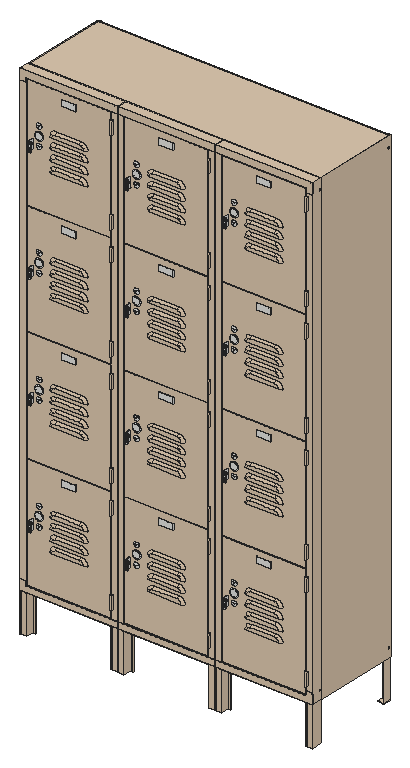
Revit family "Metal_Lockers-Salsbury_Industries-54000_Series-3_Wide_Units", category Specialty Equipment, Revit 2016 (continued)
Definition of nested family "Metal Locker Legs - 3 Wide"
  Dimensions and locks (in)
    plane 12 "Top of back legs" to plane 5 "Bottom of Unit" = 0.185"
    plane 6 "Left Side of Unit" to plane 11 "Left Side of Door Opening" = 1.000"
    plane 10 "Right Side of Door Opening" to plane 7 "Right Side of Unit" = 1.000"
    locked: plane 9 "Front of Unit" to plane 13 "Back Edge of Front Facing" at 1.588
    plane 11 "Left Side of Door Opening" to plane 14 "Inside Edge of Front Leg" = 0.440"
    plane 15 "Inside Edge of Right Leg" to plane 10 "Right Side of Door Opening" = 0.440"
    plane 9 "Front of Unit" to plane 16 = 1.185"
    plane 15 "Inside Edge of Right Leg" to plane 21 "Inside Edge or Rear Right Leg" to plane 10 "Right Side of Door Opening" to plane 18 "Right Edge of Rear Right Leg" to plane 7 "Right Side of Unit" = 0.320", 0.120", 0.880", 0.120"
    plane 6 "Left Side of Unit" to plane 19 "Left Edge or Rear Left Leg" to plane 11 "Left Side of Door Opening" to plane 22 "Inside Edge or Left Rear Leg" to plane 14 "Inside Edge of Front Leg" = 0.120", 0.880", 0.120", 0.320"
    plane 20 to plane 17 "Back Edge of Rear Legs" to plane 8 "Back of Unit" = 1.000", 0.110"
    equal spacing: plane 6 "Left Side of Unit", plane 24, plane 23, plane 7 "Right Side of Unit"
    aligned and locked: level to plane 2
    aligned and locked: Extrusion 3 to Extrusion 4
    aligned and locked: Extrusion 6 to Extrusion 5
    aligned and locked: Extrusion 3 to plane 18 "Right Edge of Rear Right Leg"
    aligned and locked: Extrusion 3 to plane 17 "Back Edge of Rear Legs"
    aligned and locked: Extrusion 5 to plane 19 "Left Edge or Rear Left Leg"
    aligned and locked: plane 17 "Back Edge of Rear Legs" to Extrusion 5
    aligned and locked: plane 5 "Bottom of Unit" to Extrusion 2
    aligned and locked: Extrusion 1 to plane 5 "Bottom of Unit"
    aligned and locked: Extrusion 3 to plane 12 "Top of back legs"
    aligned and locked: plane 12 "Top of back legs" to Extrusion 5
  Automatic sketch dimensions
    plane 13 "Back Edge of Front Facing" to Extrusion 1 sketch curve = 0.000"
    Extrusion 1 sketch curve to plane 15 "Inside Edge of Right Leg" = 0.000"
    plane 16 to Extrusion 1 sketch curve = 0.000"
    Extrusion 1 sketch curve to plane 7 "Right Side of Unit" = 0.000"
    plane 9 "Front of Unit" to Extrusion 1 sketch curve = 0.000"
    Extrusion 1 sketch curve to plane 10 "Right Side of Door Opening" = 0.000"
    Extrusion 1 sketch curve to plane 16 = 0.060"
    Extrusion 1 sketch curve to plane 9 "Front of Unit" = 0.060"
    Extrusion 1 sketch curve to plane 10 "Right Side of Door Opening" = 0.060"
    plane 7 "Right Side of Unit" to Extrusion 1 sketch curve = 0.060"
    Extrusion 2 sketch curve to plane 13 "Back Edge of Front Facing" = 0.000"
    Extrusion 2 sketch curve to plane 14 "Inside Edge of Front Leg" = 0.000"
    Extrusion 2 sketch curve to plane 16 = 0.000"
    Extrusion 2 sketch curve to plane 6 "Left Side of Unit" = 0.000"
    Extrusion 2 sketch curve to plane 9 "Front of Unit" = 0.000"
    Extrusion 2 sketch curve to plane 11 "Left Side of Door Opening" = 0.000"
    plane 16 to Extrusion 2 sketch curve = 0.060"
    plane 9 "Front of Unit" to Extrusion 2 sketch curve = 0.060"
    Extrusion 2 sketch curve to plane 11 "Left Side of Door Opening" = 0.060"
    plane 6 "Left Side of Unit" to Extrusion 2 sketch curve = 0.060"
    plane 17 "Back Edge of Rear Legs" to Extrusion 3 sketch curve = 0.000"
    Extrusion 3 sketch curve to plane 21 "Inside Edge or Rear Right Leg" = 0.000"
    Extrusion 3 sketch curve to plane 18 "Right Edge of Rear Right Leg" = 0.000"
    plane 20 to Extrusion 3 sketch curve = 0.000"
    plane 17 "Back Edge of Rear Legs" to Extrusion 3 sketch curve = 0.060"
    plane 18 "Right Edge of Rear Right Leg" to Extrusion 3 sketch curve = 0.060"
    plane 17 "Back Edge of Rear Legs" to Extrusion 4 sketch curve = 0.000"
    Extrusion 4 sketch curve to plane 18 "Right Edge of Rear Right Leg" = 0.000"
    plane 20 to Extrusion 4 sketch curve = 0.000"
    Extrusion 4 sketch curve to plane 21 "Inside Edge or Rear Right Leg" = 0.000"
    Extrusion 5 sketch curve to plane 17 "Back Edge of Rear Legs" = 0.000"
    Extrusion 5 sketch curve to plane 22 "Inside Edge or Left Rear Leg" = 0.000"
    Extrusion 5 sketch curve to plane 19 "Left Edge or Rear Left Leg" = 0.000"
    Extrusion 5 sketch curve to plane 20 = 0.000"
    Extrusion 5 sketch curve to plane 17 "Back Edge of Rear Legs" = 0.060"
    Extrusion 5 sketch curve to plane 19 "Left Edge or Rear Left Leg" = 0.060"
    Extrusion 6 sketch curve to plane 17 "Back Edge of Rear Legs" = 0.000"
    Extrusion 6 sketch curve to plane 19 "Left Edge or Rear Left Leg" = 0.000"
    Extrusion 6 sketch curve to plane 20 = 0.000"
    Extrusion 6 sketch curve to plane 22 "Inside Edge or Left Rear Leg" = 0.000"
    plane 13 "Back Edge of Front Facing" to Extrusion 7 sketch curve = 0.000"
    plane 16 to Extrusion 7 sketch curve = 0.000"
    plane 9 "Front of Unit" to Extrusion 7 sketch curve = 0.000"
    Extrusion 7 sketch curve to plane 24 = 0.000"
    plane 16 to Extrusion 7 sketch curve = 0.060"
    plane 9 "Front of Unit" to Extrusion 7 sketch curve = 0.060"
    plane 24 to Extrusion 7 sketch curve = 0.060"
    plane 24 to Extrusion 7 sketch curve = 0.940"
    Extrusion 7 sketch curve to Extrusion 7 sketch curve = 0.060"
    Extrusion 7 sketch curve to Extrusion 7 sketch curve = 0.440"
    plane 13 "Back Edge of Front Facing" to Extrusion 8 sketch curve = 0.000"
    plane 16 to Extrusion 8 sketch curve = 0.000"
    plane 9 "Front of Unit" to Extrusion 8 sketch curve = 0.000"
    Extrusion 8 sketch curve to plane 23 = 0.000"
    plane 16 to Extrusion 8 sketch curve = 0.060"
    plane 9 "Front of Unit" to Extrusion 8 sketch curve = 0.060"
    plane 23 to Extrusion 8 sketch curve = 0.060"
    plane 23 to Extrusion 8 sketch curve = 0.940"
    Extrusion 8 sketch curve to Extrusion 8 sketch curve = 0.060"
    Extrusion 8 sketch curve to Extrusion 8 sketch curve = 0.440"
    plane 13 "Back Edge of Front Facing" to Extrusion 9 sketch curve = 0.000"
    plane 16 to Extrusion 9 sketch curve = 0.000"
    plane 9 "Front of Unit" to Extrusion 9 sketch curve = 0.000"
    Extrusion 9 sketch curve to plane 23 = 0.000"
    Extrusion 9 sketch curve to plane 16 = 0.060"
    Extrusion 9 sketch curve to plane 9 "Front of Unit" = 0.060"
    plane 23 to Extrusion 9 sketch curve = 0.060"
    plane 23 to Extrusion 9 sketch curve = 0.940"
    Extrusion 9 sketch curve to Extrusion 9 sketch curve = 0.060"
    Extrusion 9 sketch curve to Extrusion 9 sketch curve = 0.440"
    plane 13 "Back Edge of Front Facing" to Extrusion 10 sketch curve = 0.000"
    plane 16 to Extrusion 10 sketch curve = 0.000"
    plane 9 "Front of Unit" to Extrusion 10 sketch curve = 0.000"
    Extrusion 10 sketch curve to plane 24 = 0.000"
    Extrusion 10 sketch curve to plane 16 = 0.060"
    Extrusion 10 sketch curve to plane 9 "Front of Unit" = 0.060"
    plane 24 to Extrusion 10 sketch curve = 0.060"
    plane 24 to Extrusion 10 sketch curve = 0.940"
    Extrusion 10 sketch curve to Extrusion 10 sketch curve = 0.060"
    Extrusion 10 sketch curve to Extrusion 10 sketch curve = 0.440"
Definition of nested family "Metal Locker Doors-15 inch with Latch Hasps"
  Parameters (values of type "Four Tier Door - 6 foot")
    Width = 12.901"
    Visible = yes
    Primary Structure Material = none
    Louver Set Vertical Alignment = 5.710"
    Number Plate Alignment = 0.9375"
    Louver Width = 5.750"
    Hinge 2 Placement = 14.142"
    Hinge 1 Placement = 1.125"
    Height = 17.360"
    Hasp Plate Rivet Material = none
    Hasp Height = 1.438"
    Depth = 0.900"
  Reference planes (in)
    plane 1 "Center (Front/Back)": y = 0
    plane 2 "Bottom of Door": z = 0
    plane 3 "Center (Left/Right)": x = 0
    plane 4 "Center (Top/Bottom)": z = 8.68
    plane 5 "Top of Door": z = 17.36
    plane 6 "Right Side of Door": x = 6.4505
    plane 7 "Left Side of Door": x = -6.4505
    plane 8 "Front of Door": y = -0.45
    plane 9 "Back of Door": y = 0.45
    plane 10 "Top of Number Plate": z = 16.4225
    plane 11 "Top of Top Vent 1": z = 11.65
    plane 12 "Top of Top Vent 2": z = 10.025
    plane 13 "Top of Top Vent 3": z = 8.4
    plane 14 "Top of Top Vent 4": z = 6.775
    plane 15 "Top of Hasp Alignment": z = 9.399
    plane 16 "Bottom of Hasp Alignment": z = 7.961
    plane 17 "Left Side of Louvers": x = -2.875
    plane 18 "Right Side of Louvers": x = 2.875
    plane 19 "Front of Louvers": y = -0.6375
    plane 20: x = -1.094
    plane 21: x = 1.094
    plane 22: z = 15.4225
    plane 23 "Center Hasp": x = -1.7755
    plane 24 "Top of Hinge 2": z = 3.218
    plane 25 "Top of Hinge 1": z = 16.235
    plane 26 "Left Hasp Hole Align": x = -5.763
    plane 27 "Right Hasp Hole Align": x = -5.513
    plane 28 "Center Hasp Stud Align": z = 10.09841
    plane 29 "Top Hasp Stud Align": z = 11.51682
    plane 30 "Vertical Hasp Stud Align": x = -4.576
    plane 31: z = 10.65
    plane 32: z = 9.025
    plane 33: z = 7.4
    plane 34: z = 5.775
    plane 35 "Vertical Center Hasp Align": x = -5.63777
    plane 36: x = -5.70027
    plane 37: x = -5.26277
    plane 38: x = 2.43234
    plane 39: x = -2.43234
  Forms (in)
    Extrusion 1, solid, material <- "Primary Structure Material", visible <- "Visible"
      sketch origin (0, 0, 0) x (1, 0, 0) y (0, 0, 1)
        loop
          line (-6.4505, 17.36) -> (-6.4505, 0) -> (6.4505, 0) -> (6.4505, 17.36) -> (-6.4505, 17.36)
      from -0.45 to 0.45
    Extrusion 2, solid, material <- "Hasp Plate Rivet Material", visible <- "Visible", detail levels medium+fine
      sketch origin (0, -0.45, 0) x (1, 0, 0) y (0, 0, 1)
        loop
          arc (-1.06847, 16.38695) -> (-1.0946, 15.92421) -> (-1.06847, 15.46147) r 4.11054
          arc (-1.06847, 15.46147) -> (0, 15.42272) -> (1.06847, 15.46147) r 14.75
          arc (1.06847, 15.46147) -> (1.0946, 15.92421) -> (1.06847, 16.38695) r 4.11054
          arc (1.06847, 16.38695) -> (0, 16.41487) -> (-1.06847, 16.38695) r 20.45441
      from 0 to 0.03497
    Extrusion 3, void
      sketch origin (-1.7755, -0.13281, 0.04687) x (0, 0, -1) y (0, -1, 0)
        loop
          circle (-8.29177, -0.16411) r 0.2
      from -0.163 to 0.163
    Extrusion 4, solid, material <- "Primary Structure Material", visible <- "Visible", detail levels fine
      sketch origin (0, 0, 16.235) x (0, -1, 0) y (1, 0, 0)
        loop
          line (0.45, 6.4505) -> (0.575, 6.4505)
          arc (0.575, 6.4505) -> (0.7, 6.5755) -> (0.575, 6.7005) r 0.125
          line (0.575, 6.7005) -> (0.45, 6.7005) -> (0.45, 6.4505)
      from 0 to -2
    Extrusion 5, solid, material <- "Primary Structure Material", visible <- "Visible", detail levels fine
      sketch origin (0, 0, 3.218) x (0, -1, 0) y (1, 0, 0)
        loop
          line (0.45, 6.4505) -> (0.575, 6.4505)
          arc (0.575, 6.4505) -> (0.7, 6.5755) -> (0.575, 6.7005) r 0.125
          line (0.575, 6.7005) -> (0.45, 6.7005) -> (0.45, 6.4505)
      from 0 to -2
    Extrusion 6, void
      sketch origin (0, -0.45, 0) x (1, 0, 0) y (0, 0, 1)
        loop
          line (-5.763, 9.399) -> (-5.763, 7.961) -> (-5.513, 7.961) -> (-5.513, 9.399) -> (-5.763, 9.399)
      from -0.9 to 0
    Blend 7, solid, material <- "Primary Structure Material", visible <- "Visible"
      base sketch origin (0.875, -0.45, 3.057) x (1, 0, 0) y (0, 0, 1)
        loop
          line (-3.75, 7.593) -> (2, 7.593)
          arc (2, 7.593) -> (1.70711, 8.30011) -> (1, 8.593) r 1
          line (1, 8.593) -> (-2.75, 8.593)
          arc (-2.75, 8.593) -> (-3.45711, 8.30011) -> (-3.75, 7.593) r 1
      top sketch origin (0.875, -0.6375, 3.057) x (1, 0, 0) y (0, 0, 1)
        loop
          line (-3.30734, 7.593) -> (1.55734, 7.593)
          arc (1.55734, 7.593) -> (1.39259, 7.99075) -> (0.99484, 8.1555) r 0.5625
          line (0.99484, 8.1555) -> (-2.74484, 8.1555)
          arc (-2.74484, 8.1555) -> (-3.14259, 7.99075) -> (-3.30734, 7.593) r 0.5625
      from 0 to 0
    Blend 8, solid, material <- "Primary Structure Material", visible <- "Visible"
      base sketch origin (0.875, -0.45, 4.501) x (1, 0, 0) y (0, 0, 1)
        loop
          line (-3.75, 4.524) -> (2, 4.524)
          arc (2, 4.524) -> (1.70711, 5.23111) -> (1, 5.524) r 1
          line (1, 5.524) -> (-2.75, 5.524)
          arc (-2.75, 5.524) -> (-3.45711, 5.23111) -> (-3.75, 4.524) r 1
      top sketch origin (0.875, -0.6375, 4.501) x (1, 0, 0) y (0, 0, 1)
        loop
          line (-3.30734, 4.524) -> (1.55734, 4.524)
          arc (1.55734, 4.524) -> (1.39612, 4.91321) -> (1.00691, 5.07443) r 0.55043
          line (1.00691, 5.07443) -> (-2.75691, 5.07443)
          arc (-2.75691, 5.07443) -> (-3.14612, 4.91321) -> (-3.30734, 4.524) r 0.55043
      from 0 to 0
    Blend 9, solid, material <- "Primary Structure Material", visible <- "Visible"
      base sketch origin (0.875, -0.45, -0.193) x (1, 0, 0) y (0, 0, 1)
        loop
          line (-3.75, 7.593) -> (2, 7.593)
          arc (2, 7.593) -> (1.70711, 8.30011) -> (1, 8.593) r 1
          line (1, 8.593) -> (-2.75, 8.593)
          arc (-2.75, 8.593) -> (-3.45711, 8.30011) -> (-3.75, 7.593) r 1
      top sketch origin (0.875, -0.6375, -0.193) x (1, 0, 0) y (0, 0, 1)
        loop
          line (-3.30734, 7.593) -> (1.55734, 7.593)
          arc (1.55734, 7.593) -> (1.40401, 7.96317) -> (1.03384, 8.1165) r 0.5235
          line (1.03384, 8.1165) -> (-2.78384, 8.1165)
          arc (-2.78384, 8.1165) -> (-3.15401, 7.96317) -> (-3.30734, 7.593) r 0.5235
      from 0 to 0
    Blend 10, solid, material <- "Primary Structure Material", visible <- "Visible"
      base sketch origin (0.875, -0.45, 1.251) x (1, 0, 0) y (0, 0, 1)
        loop
          line (-3.75, 4.524) -> (2, 4.524)
          arc (2, 4.524) -> (1.70711, 5.23111) -> (1, 5.524) r 1
          line (1, 5.524) -> (-2.75, 5.524)
          arc (-2.75, 5.524) -> (-3.45711, 5.23111) -> (-3.75, 4.524) r 1
      top sketch origin (0.875, -0.6375, 1.251) x (1, 0, 0) y (0, 0, 1)
        loop
          line (-3.30734, 4.524) -> (1.55734, 4.524)
          arc (1.55734, 4.524) -> (1.39629, 4.9128) -> (1.00749, 5.07385) r 0.54985
          line (1.00749, 5.07385) -> (-2.75749, 5.07385)
          arc (-2.75749, 5.07385) -> (-3.14629, 4.9128) -> (-3.30734, 4.524) r 0.54985
      from 0 to 0
    Blend 11, solid, material <- "Hasp Plate Rivet Material", visible <- "Visible", detail levels medium+fine
      base sketch origin (0, -0.45, 0) x (1, 0, 0) y (0, 0, 1)
        loop
          circle (-4.576, 8.68) r 0.375
      top sketch origin (0, -0.45, 0) x (1, 0, 0) y (0, 0, 1)
        loop
          circle (-4.576, 8.68) r 0.09706
      from 0 to 0.03497
    Blend 12, solid, material <- "Hasp Plate Rivet Material", visible <- "Visible", detail levels medium+fine
      base sketch origin (0, -0.45, 2.83682) x (1, 0, 0) y (0, 0, 1)
        loop
          circle (-4.576, 8.68) r 0.375
      top sketch origin (0, -0.45, 2.83682) x (1, 0, 0) y (0, 0, 1)
        loop
          circle (-4.576, 8.68) r 0.09706
      from 0 to 0.03497
    Blend 13, solid, material <- "Hasp Plate Rivet Material", visible <- "Visible", detail levels medium+fine
      base sketch origin (0, -0.45, -0.16841) x (1, 0, 0) y (0, 0, 1)
        loop
          circle (-4.576, 10.26682) r 0.625
      top sketch origin (0, -0.45, -0.16841) x (1, 0, 0) y (0, 0, 1)
        loop
          circle (-4.576, 10.26682) r 0.58088
      from 0 to 0.03497
    Extrusion 14, solid, material <- "Hasp Plate Rivet Material", visible <- "Visible"
      sketch origin (0, 0, 7.961) x (0, -1, 0) y (1, 0, 0)
        loop
          line (-0.45, -5.57527) -> (-0.45, -5.63777) -> (1.2, -5.63777)
          arc (1.2, -5.63777) -> (1.24419, -5.61946) -> (1.2625, -5.57527) r 0.0625
          line (1.2625, -5.57527) -> (1.2625, -5.26277) -> (1.20579, -5.26277) -> (1.20579, -5.5127)
          arc (1.20579, -5.5127) -> (1.18746, -5.55694) -> (1.14322, -5.57527) r 0.06257
          line (1.14322, -5.57527) -> (-0.45, -5.57527)
      from 0 to 1.438
    Extrusion 15, solid, material <- "Hasp Plate Rivet Material", visible <- "Visible"
      sketch origin (0, 0, 7.961) x (0, -1, 0) y (1, 0, 0)
        loop
          line (-0.45, -5.70027) -> (1.2625, -5.70027) -> (1.2625, -5.63777) -> (-0.45, -5.63777) -> (-0.45, -5.70027)
      from 0 to 1.438
    Extrusion 16, void
      sketch origin (-5.513, 0, 0) x (0, 0, -1) y (0, -1, 0)
        loop
          circle (-8.68, 0.82219) r 0.375
      from 0 to 0.25
  Cuts and joins
    Extrusion 3, Extrusion 6 cuts Extrusion 1
    Extrusion 16 cuts Extrusion 14
    Extrusion 16 cuts Extrusion 15
  Lines and regions (in)
    symbolic lines
      curve 1: line (-6.4505, -0.45, 17.36) -> (6.4505, -0.45, 17.36)
      curve 2: line (-6.4505, -0.45, 0) -> (-6.4505, -0.45, 17.36)
      curve 3: line (6.4505, -0.45, 0) -> (-6.4505, -0.45, 0)
      curve 4: line (6.4505, -0.45, 17.36) -> (6.4505, -0.45, 0)
      curve 5: line (2.43234, -0.6375, 7.961) -> (2.875, -0.45, 7.961)
      curve 6: line (-2.43234, -0.6375, 7.961) -> (-2.875, -0.45, 7.961)
      curve 7: line (-2.43234, -0.6375, 7.961) -> (2.43234, -0.6375, 7.961)
      curve 8: line (-2.875, -0.45, 10.65) -> (2.875, -0.45, 10.65)
      curve 9: line (1.875, -0.45, 11.65) -> (-1.875, -0.45, 11.65)
      curve 10: line (-2.875, -0.45, 9.025) -> (2.875, -0.45, 9.025)
      curve 11: line (1.875, -0.45, 10.025) -> (-1.875, -0.45, 10.025)
      curve 12: line (-2.875, -0.45, 7.4) -> (2.875, -0.45, 7.4)
      curve 13: line (1.875, -0.45, 8.4) -> (-1.875, -0.45, 8.4)
      curve 14: line (-2.875, -0.45, 5.775) -> (2.875, -0.45, 5.775)
      curve 15: line (1.875, -0.45, 6.775) -> (-1.875, -0.45, 6.775)
      curve 16: arc (-2.875, -0.45, 10.65) -> (-2.58211, -0.45, 11.35711) -> (-1.875, -0.45, 11.65) r 1
      curve 17: arc (2.875, -0.45, 10.65) -> (2.58211, -0.45, 11.35711) -> (1.875, -0.45, 11.65) r 1
      curve 18: arc (-2.875, -0.45, 9.025) -> (-2.58211, -0.45, 9.73211) -> (-1.875, -0.45, 10.025) r 1
      curve 19: arc (2.875, -0.45, 9.025) -> (2.58211, -0.45, 9.73211) -> (1.875, -0.45, 10.025) r 1
      curve 20: arc (-2.875, -0.45, 7.4) -> (-2.58211, -0.45, 8.10711) -> (-1.875, -0.45, 8.4) r 1
      curve 21: arc (2.875, -0.45, 7.4) -> (2.58211, -0.45, 8.10711) -> (1.875, -0.45, 8.4) r 1
      curve 22: arc (-2.875, -0.45, 5.775) -> (-2.58211, -0.45, 6.48211) -> (-1.875, -0.45, 6.775) r 1
      curve 23: arc (2.875, -0.45, 5.775) -> (2.58211, -0.45, 6.48211) -> (1.875, -0.45, 6.775) r 1
      curve 24: line (-5.513, -1.2625, 9.399) -> (-5.513, -0.45, 9.399)
      curve 25: line (-5.513, -1.2625, 7.961) -> (-5.513, -0.45, 7.961)
      curve 26: line (-5.513, -1.2625, 9.399) -> (-5.513, -1.2625, 7.961)
      curve 27: line (-5.70027, -0.44719, 7.961) -> (-5.63777, -0.44719, 7.961)
      curve 28: line (-5.70027, -1.2625, 7.961) -> (-5.70027, -0.44719, 7.961)
      curve 29: line (-5.63777, -1.2625, 7.961) -> (-5.70027, -1.2625, 7.961)
      curve 30: line (-5.63777, -0.44719, 7.961) -> (-5.63777, -1.2625, 7.961)
      curve 31: line (-5.57527, -0.44719, 7.961) -> (-5.57527, -1.14322, 7.961)
      curve 32: line (-5.5127, -1.20579, 7.961) -> (-5.26277, -1.20579, 7.961)
      curve 33: line (-5.26277, -1.20579, 7.961) -> (-5.26277, -1.2625, 7.961)
      curve 34: line (-5.26277, -1.2625, 7.961) -> (-5.57527, -1.2625, 7.961)
      curve 35: arc (-5.57527, -1.2625, 7.961) -> (-5.61946, -1.24419, 7.961) -> (-5.63777, -1.2, 7.961) r 0.0625
      curve 36: arc (-5.57527, -1.14322, 7.961) -> (-5.55694, -1.18746, 7.961) -> (-5.5127, -1.20579, 7.961) r 0.06257
      curve 37: line (-5.70027, -0.45, 9.399) -> (-5.26277, -0.45, 9.399)
      curve 38: line (-5.70027, -0.45, 7.961) -> (-5.70027, -0.45, 9.399)
      curve 39: line (-5.26277, -0.45, 7.961) -> (-5.70027, -0.45, 7.961)
      curve 40: line (-5.26277, -0.45, 9.399) -> (-5.26277, -0.45, 7.961)
      curve 41: line (-5.63777, -0.45, 9.399) -> (-5.63777, -0.45, 7.961)
      curve 42: circle (-4.576, -0.45, 10.09841) r 0.625 normal (0, -1, 0)
      curve 43: circle (-4.576, -0.45, 11.51682) r 0.37228 normal (0, -1, 0)
      curve 44: circle (-4.576, -0.45, 8.68) r 0.375 normal (0, -1, 0)
  Dimensions and locks (in)
    equal spacing: plane 5 "Top of Door", plane 4 "Center (Top/Bottom)", plane 2 "Bottom of Door"
    "Height": plane 5 "Top of Door" to plane 2 "Bottom of Door"
    equal spacing: plane 8 "Front of Door", plane 1 "Center (Front/Back)", plane 9 "Back of Door"
    "Depth": plane 8 "Front of Door" to plane 9 "Back of Door"
    equal spacing: plane 7 "Left Side of Door", plane 3 "Center (Left/Right)", plane 6 "Right Side of Door"
    "Width": plane 7 "Left Side of Door" to plane 6 "Right Side of Door"
    "Number Plate Alignment": plane 5 "Top of Door" to plane 10 "Top of Number Plate" to plane 22
    equal spacing: plane 17 "Left Side of Louvers", plane 3 "Center (Left/Right)", plane 18 "Right Side of Louvers"
    "Louver Width": plane 17 "Left Side of Louvers" to plane 18 "Right Side of Louvers"
    "Louver Set Vertical Alignment": plane 5 "Top of Door" to plane 11 "Top of Top Vent 1"
    plane 11 "Top of Top Vent 1" to plane 12 "Top of Top Vent 2" to plane 13 "Top of Top Vent 3" to plane 14 "Top of Top Vent 4" = 1.625", 1.625", 1.625"
    plane 29 "Top Hasp Stud Align" to plane 28 "Center Hasp Stud Align" to plane 15 "Top of Hasp Alignment" to plane 4 "Center (Top/Bottom)" to plane 16 "Bottom of Hasp Alignment" = 1.41841", 0.69941", 0.719", 0.719"
    "Hasp Height": plane 15 "Top of Hasp Alignment" to plane 16 "Bottom of Hasp Alignment"
    locked: plane 19 "Front of Louvers" to plane 8 "Front of Door" at 0.1875
    plane 20 to plane 3 "Center (Left/Right)" to plane 21 = 1.094" locked, 1.094" locked
    "Hinge 1 Placement": plane 5 "Top of Door" to plane 25 "Top of Hinge 1"
    "Hinge 2 Placement": plane 5 "Top of Door" to plane 24 "Top of Hinge 2"
    plane 7 "Left Side of Door" to plane 26 "Left Hasp Hole Align" to plane 27 "Right Hasp Hole Align" to plane 30 "Vertical Hasp Stud Align" = 0.6875" locked, 0.250" locked, 0.937" locked
    plane 11 "Top of Top Vent 1" to plane 31 = 1.000"
    plane 12 "Top of Top Vent 2" to plane 32 = 1.000"
    plane 13 "Top of Top Vent 3" to plane 33 = 1.000"
    plane 14 "Top of Top Vent 4" to plane 34 = 1.000"
    locked: plane 36 to plane 35 "Vertical Center Hasp Align" at 0.0625
    locked: plane 35 "Vertical Center Hasp Align" to plane 37 at 0.375
    locked: plane 26 "Left Hasp Hole Align" to plane 35 "Vertical Center Hasp Align" at 0.12523
    plane 17 "Left Side of Louvers" to plane 39 = 0.44266"
    plane 38 to plane 18 "Right Side of Louvers" = 0.44266"
    aligned and locked: level to plane 2 "Bottom of Door"
    aligned and locked: plane 5 "Top of Door" to Extrusion 1 sketch curve
    aligned and locked: Extrusion 1 sketch curve to plane 7 "Left Side of Door"
    aligned and locked: plane 2 "Bottom of Door" to Extrusion 1 sketch curve
    aligned and locked: plane 6 "Right Side of Door" to Extrusion 1 sketch curve
    aligned and locked: plane 15 "Top of Hasp Alignment" to Extrusion 6 sketch curve
    aligned and locked: Extrusion 6 sketch curve to plane 26 "Left Hasp Hole Align"
    aligned and locked: Extrusion 6 sketch curve to plane 16 "Bottom of Hasp Alignment"
    aligned and locked: plane 27 "Right Hasp Hole Align" to Extrusion 6 sketch curve
    aligned and locked: plane 11 "Top of Top Vent 1" to Blend 7
    aligned and locked: plane 12 "Top of Top Vent 2" to Blend 8
    aligned and locked: plane 13 "Top of Top Vent 3" to Blend 9
    aligned and locked: plane 14 "Top of Top Vent 4" to Blend 10
    aligned and locked: Blend 7 to plane 31
    aligned and locked: Blend 7 sketch curve to plane 11 "Top of Top Vent 1"
    aligned and locked: Blend 7 sketch curve to plane 31  (x2)
    aligned and locked: Blend 8 sketch curve to plane 12 "Top of Top Vent 2"
    aligned and locked: Blend 8 sketch curve to plane 32  (x2)
    aligned and locked: Blend 9 sketch curve to plane 13 "Top of Top Vent 3"
    aligned and locked: Blend 9 sketch curve to plane 33  (x2)
    aligned and locked: Blend 10 sketch curve to plane 14 "Top of Top Vent 4"
    aligned and locked: Blend 10 sketch curve to plane 34  (x2)
    aligned and locked: plane 29 "Top Hasp Stud Align" to Blend 12 sketch curve  (x2)
    aligned and locked: plane 4 "Center (Top/Bottom)" to Blend 11 sketch curve  (x2)
    aligned and locked: plane 28 "Center Hasp Stud Align" to Blend 13 sketch curve  (x2)
    aligned and locked: plane 35 "Vertical Center Hasp Align" to Extrusion 15 sketch curve
    aligned and locked: plane 35 "Vertical Center Hasp Align" to Extrusion 14 sketch curve
    aligned and locked: plane 4 "Center (Top/Bottom)" to Extrusion 16 sketch curve
    aligned and locked: plane 36 to cut or joined group of Extrusion 15, Extrusion 16
    aligned and locked: plane 37 to cut or joined group of Extrusion 14, Extrusion 16
    aligned and locked: curve 1 to cut or joined group of Extrusion 1, Extrusion 3, Extrusion 6
    aligned and locked: curve 2 to cut or joined group of Extrusion 1, Extrusion 3, Extrusion 6
    aligned and locked: curve 3 to cut or joined group of Extrusion 1, Extrusion 3, Extrusion 6
    aligned and locked: curve 4 to cut or joined group of Extrusion 1, Extrusion 3, Extrusion 6
    aligned and locked: curve 5 to Blend 8
    aligned and locked: curve 6 to Blend 8
    aligned and locked: curve 8 to Blend 7
    aligned and locked: curve 9 to Blend 7
    aligned and locked: curve 10 to Blend 8
    aligned and locked: curve 11 to Blend 8
    aligned and locked: curve 12 to Blend 9
    aligned and locked: curve 13 to Blend 9
    aligned and locked: curve 14 to Blend 10
    aligned and locked: curve 15 to Blend 10
    aligned and locked: curve 24 to cut or joined group of Extrusion 14, Extrusion 16
    aligned and locked: curve 25 to cut or joined group of Extrusion 14, Extrusion 16
    aligned and locked: curve 26 to cut or joined group of Extrusion 14, Extrusion 16
    aligned and locked: curve 28 to cut or joined group of Extrusion 15, Extrusion 16
    aligned and locked: curve 29 to cut or joined group of Extrusion 15, Extrusion 16
    aligned and locked: cut or joined group of Extrusion 15, Extrusion 16 to curve 30
    aligned and locked: cut or joined group of Extrusion 14, Extrusion 16 to curve 31
    aligned and locked: curve 32 to cut or joined group of Extrusion 14, Extrusion 16
    aligned and locked: curve 33 to cut or joined group of Extrusion 14, Extrusion 16
    aligned and locked: curve 34 to cut or joined group of Extrusion 14, Extrusion 16
    aligned and locked: curve 37 to cut or joined group of Extrusion 15, Extrusion 16
    aligned and locked: curve 38 to cut or joined group of Extrusion 15, Extrusion 16
    aligned and locked: curve 39 to cut or joined group of Extrusion 14, Extrusion 16
    aligned and locked: curve 40 to cut or joined group of Extrusion 14, Extrusion 16
    aligned and locked: curve 41 to cut or joined group of Extrusion 14, Extrusion 16
  Automatic sketch dimensions
    Extrusion 2 sketch curve to plane 3 "Center (Left/Right)" = 0.000"  (x2)
    plane 17 "Left Side of Louvers" to Extrusion 2 sketch curve = 0.14094"
    Extrusion 2 sketch curve to plane 18 "Right Side of Louvers" = 0.14094"
    Extrusion 2 sketch curve to level = 4.03954"
    plane 25 "Top of Hinge 1" to Extrusion 2 sketch curve = 0.31079"  (x2)
    Extrusion 2 sketch curve to plane 5 "Top of Door" = 12.81272"
    Extrusion 2 sketch curve to plane 20 = 0.02553"  (x2)
    plane 21 to Extrusion 2 sketch curve = 0.02553"
    Extrusion 2 sketch curve to plane 22 = 0.03897"
    plane 13 "Top of Top Vent 3" to Extrusion 3 sketch curve = 0.06135"
    Extrusion 3 sketch curve to plane 1 "Center (Front/Back)" = 0.0313"
    Extrusion 4 sketch curve to plane 6 "Right Side of Door" = 0.000"
    plane 8 "Front of Door" to Extrusion 4 sketch curve = 0.000"
    Extrusion 4 sketch curve to plane 19 "Front of Louvers" = 0.0625"
    Extrusion 4 sketch curve to plane 6 "Right Side of Door" = 0.125"
    Extrusion 5 sketch curve to plane 6 "Right Side of Door" = 0.000"
    plane 8 "Front of Door" to Extrusion 5 sketch curve = 0.000"
    Extrusion 5 sketch curve to plane 19 "Front of Louvers" = 0.0625"
    Extrusion 5 sketch curve to plane 6 "Right Side of Door" = 0.125"
    plane 17 "Left Side of Louvers" to Blend 7 sketch curve = 0.000"
    plane 18 "Right Side of Louvers" to Blend 7 sketch curve = 0.000"
    plane 23 "Center Hasp" to Blend 7 sketch curve = 0.65684"
    plane 20 to Blend 7 sketch curve = 0.77584"
    Blend 7 sketch curve to plane 21 = 0.77584"
    plane 17 "Left Side of Louvers" to Blend 8 sketch curve = 0.000"
    plane 18 "Right Side of Louvers" to Blend 8 sketch curve = 0.000"
    plane 23 "Center Hasp" to Blend 8 sketch curve = 0.65684"
    plane 20 to Blend 8 sketch curve = 0.78791"
    Blend 8 sketch curve to plane 21 = 0.78791"
    plane 17 "Left Side of Louvers" to Blend 9 sketch curve = 0.000"
    plane 18 "Right Side of Louvers" to Blend 9 sketch curve = 0.000"
    plane 23 "Center Hasp" to Blend 9 sketch curve = 0.65684"
    plane 16 "Bottom of Hasp Alignment" to Blend 9 sketch curve = 0.0375"
    Blend 9 sketch curve to plane 21 = 0.81484"
    plane 17 "Left Side of Louvers" to Blend 10 sketch curve = 0.000"
    plane 18 "Right Side of Louvers" to Blend 10 sketch curve = 0.000"
    plane 23 "Center Hasp" to Blend 10 sketch curve = 0.65684"
    plane 20 to Blend 10 sketch curve = 0.78849"
    Blend 10 sketch curve to plane 21 = 0.78849"
    plane 30 "Vertical Hasp Stud Align" to Blend 11 sketch curve = 0.000"  (x2)
    plane 30 "Vertical Hasp Stud Align" to Blend 12 sketch curve = 0.000"  (x2)
    plane 30 "Vertical Hasp Stud Align" to Blend 13 sketch curve = 0.000"  (x2)
    Extrusion 14 sketch curve to plane 1 "Center (Front/Back)" = 0.450"
    plane 27 "Right Hasp Hole Align" to Extrusion 14 sketch curve = 0.06227"
    Extrusion 14 sketch curve to plane 27 "Right Hasp Hole Align" = 0.0003"
    plane 19 "Front of Louvers" to Extrusion 14 sketch curve = 0.50572"
    Extrusion 14 sketch curve to Extrusion 14 sketch curve = 0.05678"
    Extrusion 14 sketch curve to Extrusion 14 sketch curve = 0.24993"
    plane 9 "Back of Door" to Extrusion 15 sketch curve = 0.000"
    plane 19 "Front of Louvers" to Extrusion 15 sketch curve = 0.625"
    Extrusion 15 sketch curve to plane 26 "Left Hasp Hole Align" = 0.06273"
    Extrusion 14 sketch curve to Extrusion 14 sketch curve = 0.06257"
    plane 19 "Front of Louvers" to Extrusion 16 sketch curve = 0.18469"
    curve 24 to plane 8 "Front of Door" = 0.000"
    curve 25 to plane 8 "Front of Door" = 0.000"
    curve 6 to plane 17 "Left Side of Louvers" = 0.000"
    curve 5 to plane 18 "Right Side of Louvers" = 0.000"
    curve 5 to plane 38 = 0.000"
    curve 30 to plane 8 "Front of Door" = 0.00281"
    curve 36 to plane 27 "Right Hasp Hole Align" = 0.0003"
    curve 36 to curve 35 = 0.05678"
    curve 31 to plane 8 "Front of Door" = 0.00281"
    curve 43 to plane 29 "Top Hasp Stud Align" = 0.000"
    plane 30 "Vertical Hasp Stud Align" to curve 43 = 0.000"
    curve 42 to plane 28 "Center Hasp Stud Align" = 0.000"
    plane 30 "Vertical Hasp Stud Align" to curve 42 = 0.000"
    curve 44 to plane 4 "Center (Top/Bottom)" = 0.000"
    plane 30 "Vertical Hasp Stud Align" to curve 44 = 0.000"
    plane 17 "Left Side of Louvers" to curve 20 = 0.000"
    plane 17 "Left Side of Louvers" to curve 10 = 0.000"
    plane 17 "Left Side of Louvers" to curve 14 = 0.000"
    plane 17 "Left Side of Louvers" to curve 8 = 0.000"
    plane 18 "Right Side of Louvers" to curve 23 = 0.000"
    plane 18 "Right Side of Louvers" to curve 10 = 0.000"
    plane 18 "Right Side of Louvers" to curve 21 = 0.000"
    plane 18 "Right Side of Louvers" to curve 17 = 0.000"
    radius of Extrusion 3 sketch curve = 0.200"
    radius of Blend 11 sketch curve = 0.375"
    radius of Blend 11 sketch curve = 0.09706"
    radius of Blend 12 sketch curve = 0.375"
    radius of Blend 12 sketch curve = 0.09706"
    radius of Blend 13 sketch curve = 0.625"
    radius of Blend 13 sketch curve = 0.58088"
    radius of Extrusion 16 sketch curve = 0.375"
    radius of curve 42 = 0.625"
    radius of curve 43 = 0.37228"
    radius of curve 44 = 0.375"
Definition of nested family "Metal Locker Front Base"
  Parameters (values of type "77745 - for 15" W Lockers with Legs")
    Width = 13.013"
    Visible [instance] = yes
    Version = "1.0 (11/30/15)"
    Type Comments = "Front Base for Standard Metal Lockers"
    Primary Structure Material = none
    Model = "77745"
    MasterFormat Title = ""
    MasterFormat Number = ""
    Manufacturer = "Salsbury Industries"
    Description = "Front Base for 15\" Wide Lockers"
    Depth = 1.185"
    Height = 6.000"
    Assembly Code = ""
  Types (3): name | Width | Visible | Model | Description
    77742 - for 12" W Lockers with Legs | 10.040" | yes | "77742" | "Front Base for 12\" Wide Lockers"
    77745 - for 15" W Lockers with Legs | 13.013" | yes | "77745" | "Front Base for 15\" Wide Lockers"
    None | 10.040" | no | "77742" | "Front Base for 12\" Wide Lockers"
  Reference planes (in)
    plane 1 "Center (Front/Back)": y = -5.417
    plane 2: z = 0
    plane 3 "Center (Left/Right)": x = 0
    plane 4 "Floor": z = 0
    plane 5 "Top of Enclosure": z = 6
    plane 6 "Front of Enclosure": y = -6.005
    plane 7 "Right Side of Enclosure": x = 6.5065
    plane 8 "Left Side of Enclosure": x = -6.5065
    plane 9 "Back of Enclosure": y = -4.82
  Forms (in)
    Extrusion 1, solid, material <- "Primary Structure Material", visible <- "Visible"
      sketch origin (0, -6.005, 0) x (1, 0, 0) y (0, 0, 1)
        loop
          line (-6.5065, 6) -> (-6.5065, 0) -> (6.5065, 0) -> (6.5065, 6) -> (-6.5065, 6)
      from -0.06 to 0
    Extrusion 2, solid, material <- "Primary Structure Material", visible <- "Visible"
      sketch origin (0, 0, 0) x (0, 1, 0) y (0, 0, 1)
        loop
          line (-5.945, 6) -> (-5.945, 5.94) -> (-4.82, 5.94) -> (-4.82, 6) -> (-5.945, 6)
      from -6.5065 to 6.5065
    Extrusion 3, solid, material <- "Primary Structure Material", visible <- "Visible"
      sketch origin (6.5065, 0, 0) x (0, 0, -1) y (0, -1, 0)
        loop
          line (-5.75, 5.945) -> (-5.75, 4.82) -> (-0.25, 4.82) -> (-0.25, 5.945) -> (-5.75, 5.945)
      from 0 to 0.06
    Extrusion 4, solid, material <- "Primary Structure Material", visible <- "Visible"
      sketch origin (-6.5065, 0, 0) x (0, 0, -1) y (0, -1, 0)
        loop
          line (-5.75, 5.945) -> (-5.75, 4.82) -> (-0.25, 4.82) -> (-0.25, 5.945) -> (-5.75, 5.945)
      from 0 to -0.06
  Dimensions and locks (in)
    "Height": plane 5 "Top of Enclosure" to plane 4 "Floor"
    plane 6 "Front of Enclosure" to plane 1 "Center (Front/Back)" = 0.588"
    "Depth": plane 6 "Front of Enclosure" to plane 9 "Back of Enclosure"
    equal spacing: plane 8 "Left Side of Enclosure", plane 3 "Center (Left/Right)", plane 7 "Right Side of Enclosure"
    "Width": plane 8 "Left Side of Enclosure" to plane 7 "Right Side of Enclosure"
    aligned and locked: level to plane 2
    aligned and locked: plane 8 "Left Side of Enclosure" to Extrusion 2
    aligned and locked: Extrusion 2 to plane 7 "Right Side of Enclosure"
    aligned and locked: Extrusion 1 to plane 7 "Right Side of Enclosure"
  Automatic sketch dimensions
    Extrusion 1 sketch curve to Extrusion 1 sketch curve = 13.013"
    Extrusion 1 sketch curve to Extrusion 1 sketch curve = 6.000"
    Extrusion 2 sketch curve to Extrusion 2 sketch curve = 1.125"
    Extrusion 2 sketch curve to Extrusion 2 sketch curve = 0.060"
    Extrusion 3 sketch curve to Extrusion 3 sketch curve = 5.500"
    Extrusion 3 sketch curve to Extrusion 3 sketch curve = 1.125"
    Extrusion 4 sketch curve to Extrusion 4 sketch curve = 5.500"
    Extrusion 4 sketch curve to Extrusion 4 sketch curve = 1.125"
    Extrusion 1 sketch curve to level = 0.000"
    plane 8 "Left Side of Enclosure" to Extrusion 1 sketch curve = 0.000"
    plane 5 "Top of Enclosure" to Extrusion 2 sketch curve = 0.000"
    Extrusion 2 sketch curve to plane 9 "Back of Enclosure" = 0.000"
    Extrusion 3 sketch curve to plane 9 "Back of Enclosure" = 0.000"
    plane 5 "Top of Enclosure" to Extrusion 3 sketch curve = 0.250"
    Extrusion 4 sketch curve to plane 9 "Back of Enclosure" = 0.000"
    plane 5 "Top of Enclosure" to Extrusion 4 sketch curve = 0.250"
Definition of nested family "Metal Locker Right Side Base"
  Parameters (values of type "77732 Right - for 12" D Lockers with Legs")
    Width including Rivet [instance] = 1.290"
    Visible = yes
    Primary Structure Material = none
    Depth = 10.422"
    Version = "1.0 (11/30/15)"
    Type Comments = "End Base for Standard Metal Lockers"
    Model = "77732"
    MasterFormat Title = ""
    MasterFormat Number = ""
    Manufacturer = "Salsbury Industries"
    Description = "1.25\"W x 6\" H x 10\"D"
    Width = 1.250"
    Height = 6.000"
    Assembly Code = ""
  Types (4): name | Visible | Depth | Model | Description
    77732 Right - for 12" D Lockers with Legs | yes | 10.422" | "77732" | "1.25\"W x 6\" H x 10\"D"
    77735 Right - for 15" D Lockers with Legs | yes | 13.422" | "77735" | "1.25\"W x 6\" H x 13\"D"
    77738 Right - for 18" D Lockers with Legs | yes | 16.422" | "77738" | "1.25\"W x 6\" H x 16\"D"
    None | no | 10.422" | "" | ""
  Reference planes (in)
    plane 1 "Center (Front/Back)": y = 0
    plane 2: z = 0
    plane 3 "Center (Left/Right)": x = 5.395
    plane 4 "Floor": z = 0
    plane 5 "Top of Enclosure": z = 6
    plane 6 "Left Side of Unit": x = 4.77
    plane 7 "Right Side of Unit": x = 6.02
    plane 8 "Left Edge of Enclosure": y = -5.211
    plane 9 "Right Edge of Enclosure": y = 5.211
    plane 10 "Left Edge of Insert": y = -6.27647
    plane 11 "Right Edge of Insert": y = -5.15147
    plane 12 "Rivet Edge": x = 6.06
  Forms (in)
    Extrusion 1, solid, material <- "Primary Structure Material", visible <- "Visible"
      sketch origin (6.02, 0, 0) x (0, 0, -1) y (0, -1, 0)
        loop
          line (-6, 5.211) -> (-6, -5.211) -> (0, -5.211) -> (0, 5.211) -> (-6, 5.211)
      from 0 to 0.06
    Extrusion 2, solid, material <- "Primary Structure Material", visible <- "Visible"
      sketch origin (0, 0, 6) x (0, -1, 0) y (1, 0, 0)
        loop
          line (5.15147, 5.96) -> (5.15147, 5.9) -> (6.27647, 5.9) -> (6.27647, 5.96) -> (5.15147, 5.96)
      from -6 to 0
    Extrusion 3, solid, material <- "Primary Structure Material", visible <- "Visible"
      sketch origin (6.02, 0, 0) x (0, 0, -1) y (0, -1, 0)
        loop
          line (-6, 4.90147) -> (-6, -3.961) -> (-5.94, -3.961) -> (-5.94, 4.90147) -> (-6, 4.90147)
      from 0.06 to 1.25
    Extrusion 4, solid, material <- "Primary Structure Material", visible <- "Visible"
      sketch origin (6.02, 0, -5.94) x (0, 0, -1) y (0, -1, 0)
        loop
          line (-6, 4.90147) -> (-6, -3.961) -> (-5.94, -3.961) -> (-5.94, 4.90147) -> (-6, 4.90147)
      from 0.06 to 1.25
  Dimensions and locks (in)
    "Height": plane 5 "Top of Enclosure" to plane 4 "Floor"
    plane 10 "Left Edge of Insert" to plane 8 "Left Edge of Enclosure" to plane 11 "Right Edge of Insert" = 1.06547" locked, 0.05953" locked
    equal spacing: plane 8 "Left Edge of Enclosure", plane 1 "Center (Front/Back)", plane 9 "Right Edge of Enclosure"
    "Depth": plane 8 "Left Edge of Enclosure" to plane 9 "Right Edge of Enclosure"
    equal spacing: plane 6 "Left Side of Unit", plane 3 "Center (Left/Right)", plane 7 "Right Side of Unit"
    "Width": plane 6 "Left Side of Unit" to plane 7 "Right Side of Unit"
    locked: plane 7 "Right Side of Unit" to plane 12 "Rivet Edge" at 0.04
    "Width including Rivet": plane 6 "Left Side of Unit" to plane 12 "Rivet Edge"
    aligned and locked: level to plane 2
    aligned and locked: plane 11 "Right Edge of Insert" to Extrusion 2
    aligned and locked: plane 10 "Left Edge of Insert" to Extrusion 2
    aligned and locked: Extrusion 3 to Extrusion 1
    aligned and locked: plane 6 "Left Side of Unit" to Extrusion 3
  Automatic sketch dimensions
    plane 5 "Top of Enclosure" to Extrusion 1 sketch curve = 0.000"
    Extrusion 1 sketch curve to level = 0.000"
    Extrusion 2 sketch curve to plane 8 "Left Edge of Enclosure" = 0.05953"
    plane 7 "Right Side of Unit" to Extrusion 2 sketch curve = 0.120"
    Extrusion 2 sketch curve to Extrusion 2 sketch curve = 0.060"
    Extrusion 1 sketch curve to plane 8 "Left Edge of Enclosure" = 0.000"
    Extrusion 1 sketch curve to plane 9 "Right Edge of Enclosure" = 0.000"
    plane 10 "Left Edge of Insert" to Extrusion 2 sketch curve = 0.000"
    plane 5 "Top of Enclosure" to Extrusion 3 sketch curve = 0.000"
    Extrusion 3 sketch curve to Extrusion 3 sketch curve = 0.060"
    plane 9 "Right Edge of Enclosure" to Extrusion 3 sketch curve = 1.250"
    Extrusion 3 sketch curve to plane 11 "Right Edge of Insert" = 0.250"
    Extrusion 4 sketch curve to level = 0.000"
    level to Extrusion 4 sketch curve = 0.060"
    plane 9 "Right Edge of Enclosure" to Extrusion 4 sketch curve = 1.250"
    Extrusion 4 sketch curve to plane 11 "Right Edge of Insert" = 0.250"
Definition of nested family "Metal Locker Left Side Base"
  Parameters (values of type "77732 Left - for 12" D Lockers with Legs")
    Width including Rivet [instance] = 1.290"
    Visible = yes
    Primary Structure Material = none
    Depth = 10.422"
    Version = "1.0 (11/30/15)"
    Type Comments = "End Base for Standard Metal Lockers"
    Model = "77732"
    MasterFormat Title = ""
    MasterFormat Number = ""
    Manufacturer = "Salsbury Industries"
    Description = "1.25\"W x 6\" H x 10\"D"
    Width = 1.250"
    Height = 6.000"
    Assembly Code = ""
  Types (4): name | Visible | Depth | Model | Description
    77732 Left - for 12" D Lockers with Legs | yes | 10.422" | "77732" | "1.25\"W x 6\" H x 10\"D"
    77735 Left - for 15" D Lockers with Legs | yes | 13.422" | "77735" | "1.25\"W x 6\" H x 13\"D"
    77738 Left - for 18" D Lockers with Legs | yes | 16.422" | "77738" | "1.25\"W x 6\" H x 16\"D"
    None | no | 10.422" | "" | ""
  Reference planes (in)
    plane 1 "Center (Front/Back)": y = 0
    plane 2: z = 0
    plane 3 "Center (Left/Right)": x = 5.395
    plane 4 "Floor": z = 0
    plane 5 "Top of Enclosure": z = 6
    plane 6 "Left Side of Unit": x = 4.77
    plane 7 "Right Side of Unit": x = 6.02
    plane 8 "Left Edge of Enclosure": y = -5.211
    plane 9 "Right Edge of Enclosure": y = 5.211
    plane 10 "Left Edge of Insert": y = -6.27647
    plane 11 "Right Edge of Insert": y = -5.15147
    plane 12 "Edge of Rivet": x = 4.73
  Forms (in)
    Extrusion 1, solid, material <- "Primary Structure Material", visible <- "Visible"
      sketch origin (6.02, 0, 0) x (0, 0, -1) y (0, -1, 0)
        loop
          line (-6, 4.90147) -> (-6, -3.961) -> (-5.94, -3.961) -> (-5.94, 4.90147) -> (-6, 4.90147)
      from 0 to 1.19
    Extrusion 2, solid, material <- "Primary Structure Material", visible <- "Visible"
      sketch origin (6.02, 0, -5.94) x (0, 0, -1) y (0, -1, 0)
        loop
          line (-6, 4.90147) -> (-6, -3.961) -> (-5.94, -3.961) -> (-5.94, 4.90147) -> (-6, 4.90147)
      from 0 to 1.19
    Extrusion 3, solid, material <- "Primary Structure Material", visible <- "Visible"
      sketch origin (4.77, 0, 0) x (0, 0, -1) y (0, 1, 0)
        loop
          line (-6, -5.211) -> (0, -5.211) -> (0, 5.211) -> (-6, 5.211) -> (-6, -5.211)
      from 0 to 0.06
    Extrusion 4, solid, material <- "Primary Structure Material", visible <- "Visible"
      sketch origin (10.79, 0, 6) x (0, -1, 0) y (1, 0, 0)
        loop
          line (5.15147, -5.96) -> (6.27647, -5.96) -> (6.27647, -5.9) -> (5.15147, -5.9) -> (5.15147, -5.96)
      from -6 to 0
  Dimensions and locks (in)
    "Height": plane 5 "Top of Enclosure" to plane 4 "Floor"
    plane 10 "Left Edge of Insert" to plane 8 "Left Edge of Enclosure" to plane 11 "Right Edge of Insert" = 1.06547" locked, 0.05953" locked
    equal spacing: plane 8 "Left Edge of Enclosure", plane 1 "Center (Front/Back)", plane 9 "Right Edge of Enclosure"
    "Depth": plane 8 "Left Edge of Enclosure" to plane 9 "Right Edge of Enclosure"
    equal spacing: plane 6 "Left Side of Unit", plane 3 "Center (Left/Right)", plane 7 "Right Side of Unit"
    "Width": plane 6 "Left Side of Unit" to plane 7 "Right Side of Unit"
    "Width including Rivet": plane 12 "Edge of Rivet" to plane 7 "Right Side of Unit"
    plane 12 "Edge of Rivet" to plane 6 "Left Side of Unit" = 0.040"
    aligned and locked: level to plane 2
    aligned and locked: Extrusion 1 to Extrusion 3
    aligned and locked: Extrusion 2 to Extrusion 3
  Automatic sketch dimensions
    plane 5 "Top of Enclosure" to Extrusion 1 sketch curve = 0.000"
    Extrusion 1 sketch curve to Extrusion 1 sketch curve = 0.060"
    plane 9 "Right Edge of Enclosure" to Extrusion 1 sketch curve = 1.250"
    Extrusion 1 sketch curve to plane 11 "Right Edge of Insert" = 0.250"
    Extrusion 2 sketch curve to level = 0.000"
    level to Extrusion 2 sketch curve = 0.060"
    plane 9 "Right Edge of Enclosure" to Extrusion 2 sketch curve = 1.250"
    Extrusion 2 sketch curve to plane 11 "Right Edge of Insert" = 0.250"
    plane 5 "Top of Enclosure" to Extrusion 3 sketch curve = 0.000"
    Extrusion 3 sketch curve to level = 0.000"
    Extrusion 3 sketch curve to plane 8 "Left Edge of Enclosure" = 0.000"
    Extrusion 3 sketch curve to plane 9 "Right Edge of Enclosure" = 0.000"
    plane 11 "Right Edge of Insert" to Extrusion 4 sketch curve = 0.000"
    plane 10 "Left Edge of Insert" to Extrusion 4 sketch curve = 0.000"
    plane 6 "Left Side of Unit" to Extrusion 4 sketch curve = 0.120"
    Extrusion 4 sketch curve to Extrusion 4 sketch curve = 0.060"
Definition of nested family "Metal Locker Zee Base - 3 Wide"
  Parameters (values of type "77575 - 45"W x 15"D")
    Width = 45.040"
    Visible = yes
    Version = "1.0 (11/30/15)"
    Type Comments = "Zee Base Kit for Standard Metal Lockers - No Legs"
    Primary Structure Material = none
    Model = "77575"
    MasterFormat Title = ""
    MasterFormat Number = ""
    Manufacturer = "Salsbury Industries"
    Description = "4\" H x 6' L - for 12\" Deep Lockers (Includes 6 Foot Front Base, 2 End Bases, Corner Splicer and 4 Rear Legs)"
    Depth = 15.010"
    Height = 4.000"
    Assembly Code = ""
  Types (6): name | Width | Visible | Model | Depth
    77572- 36" W x 12" D | 36.040" | yes | "77572" | 12.010"
    77575 - 36" W x 15" D | 36.040" | yes | "77575" | 15.010"
    77578 - 36"W x 18"D | 36.040" | yes | "77578" | 18.010"
    77575 - 45"W x 15"D | 45.040" | yes | "77575" | 15.010"
    77578 - 45"W x 18"D | 45.040" | yes | "77578" | 18.010"
    None | 36.040" | no | "77572" | 12.010"
  Reference planes (in)
    plane 1 "Center (Front/Back)": y = 0
    plane 2: z = 0
    plane 3 "Center (Left/Right)": x = 0
    plane 4 "Floor": z = 0
    plane 5 "Bottom of Unit": z = 4
    plane 6 "Left Side of Unit": x = -22.52
    plane 7 "Right Side of Unit": x = 22.52
    plane 8 "Back of Unit": y = 7.505
    plane 9 "Front of Unit": y = -7.505
    plane 10 "Right Side of Door Opening": x = 21.52
    plane 11 "Left Side of Door Opening": x = -21.52
    plane 12 "Top of back legs": z = 4.185
    plane 13 "Back Edge of Front Facing": y = -5.917
    plane 14 "Inside Edge of Front Leg": x = -21.08
    plane 15 "Inside Edge of Right Leg": x = 21.08
    plane 16: y = -6.32
    plane 17 "Back Edge of Rear Legs": y = 7.395
    plane 18 "Right Edge of Rear Right Leg": x = 22.4
    plane 19 "Left Edge or Rear Left Leg": x = -22.4
    plane 20: y = 6.395
    plane 21 "Inside Edge or Rear Right Leg": x = 21.4
    plane 22 "Inside Edge or Left Rear Leg": x = -21.4
  Forms (in)
    Extrusion 1, solid, material <- "Primary Structure Material", visible <- "Visible"
      sketch origin (0, 0, 0) x (0, -1, 0) y (1, 0, 0)
        loop
          line (-7.395, 22.4) -> (-7.395, 21.4) -> (-7.335, 21.4) -> (-7.335, 22.34) -> (-6.395, 22.34) -> (-6.395, 22.4) -> (-7.395, 22.4)
      from 0.06 to 4.185
    Extrusion 2, solid, material <- "Primary Structure Material", visible <- "Visible"
      sketch origin (0, 0, 0) x (0, -1, 0) y (1, 0, 0)
        loop
          line (-7.395, 22.4) -> (-7.395, 21.4) -> (-6.395, 21.4) -> (-6.395, 22.4) -> (-7.395, 22.4)
      from 0 to 0.06
    Extrusion 3, solid, material <- "Primary Structure Material", visible <- "Visible"
      sketch origin (0, 0, 0) x (0, -1, 0) y (1, 0, 0)
        loop
          line (-7.395, -22.4) -> (-6.395, -22.4) -> (-6.395, -22.34) -> (-7.335, -22.34) -> (-7.335, -21.4) -> (-7.395, -21.4) -> (-7.395, -22.4)
      from 0.06 to 4.185
    Extrusion 4, solid, material <- "Primary Structure Material", visible <- "Visible"
      sketch origin (0, 0, 0) x (0, -1, 0) y (1, 0, 0)
        loop
          line (-7.395, -22.4) -> (-6.395, -22.4) -> (-6.395, -21.4) -> (-7.395, -21.4) -> (-7.395, -22.4)
      from 0 to 0.06
    Extrusion 5, solid, material <- "Primary Structure Material", visible <- "Visible"
      sketch origin (0, 0, 0) x (0, 1, 0) y (0, 0, 1)
        loop
          line (-7.505, 4) -> (-7.505, 3.94) -> (-5.917, 3.94) -> (-5.917, 0) -> (-4.269, 0) -> (-4.269, 0.06) -> (-5.857, 0.06) -> (-5.857, 4) -> (-7.505, 4)
      from -22.52 to 22.52
  Dimensions and locks (in)
    equal spacing: plane 6 "Left Side of Unit", plane 3 "Center (Left/Right)", plane 7 "Right Side of Unit"
    "Width": plane 6 "Left Side of Unit" to plane 7 "Right Side of Unit"
    "Height": plane 5 "Bottom of Unit" to plane 4 "Floor"
    equal spacing: plane 9 "Front of Unit", plane 1 "Center (Front/Back)", plane 8 "Back of Unit"
    "Depth": plane 9 "Front of Unit" to plane 8 "Back of Unit"
    plane 12 "Top of back legs" to plane 5 "Bottom of Unit" = 0.185"
    plane 6 "Left Side of Unit" to plane 11 "Left Side of Door Opening" = 1.000"
    plane 10 "Right Side of Door Opening" to plane 7 "Right Side of Unit" = 1.000"
    locked: plane 9 "Front of Unit" to plane 13 "Back Edge of Front Facing" at 1.588
    plane 11 "Left Side of Door Opening" to plane 14 "Inside Edge of Front Leg" = 0.440"
    plane 15 "Inside Edge of Right Leg" to plane 10 "Right Side of Door Opening" = 0.440"
    plane 9 "Front of Unit" to plane 16 = 1.185"
    plane 15 "Inside Edge of Right Leg" to plane 21 "Inside Edge or Rear Right Leg" to plane 10 "Right Side of Door Opening" to plane 18 "Right Edge of Rear Right Leg" to plane 7 "Right Side of Unit" = 0.320", 0.120", 0.880", 0.120"
    plane 6 "Left Side of Unit" to plane 19 "Left Edge or Rear Left Leg" to plane 11 "Left Side of Door Opening" to plane 22 "Inside Edge or Left Rear Leg" to plane 14 "Inside Edge of Front Leg" = 0.120", 0.880", 0.120", 0.320"
    plane 20 to plane 17 "Back Edge of Rear Legs" to plane 8 "Back of Unit" = 1.000", 0.110"
    aligned and locked: level to plane 2
    aligned and locked: Extrusion 1 to Extrusion 2
    aligned and locked: Extrusion 4 to Extrusion 3
    aligned and locked: Extrusion 1 to plane 18 "Right Edge of Rear Right Leg"
    aligned and locked: Extrusion 1 to plane 17 "Back Edge of Rear Legs"
    aligned and locked: Extrusion 3 to plane 19 "Left Edge or Rear Left Leg"
    aligned and locked: plane 17 "Back Edge of Rear Legs" to Extrusion 3
    aligned and locked: Extrusion 1 to plane 12 "Top of back legs"
    aligned and locked: plane 12 "Top of back legs" to Extrusion 3
    aligned and locked: Extrusion 5 to plane 7 "Right Side of Unit"
    aligned and locked: plane 6 "Left Side of Unit" to Extrusion 5
  Automatic sketch dimensions
    plane 17 "Back Edge of Rear Legs" to Extrusion 1 sketch curve = 0.000"
    Extrusion 1 sketch curve to plane 21 "Inside Edge or Rear Right Leg" = 0.000"
    Extrusion 1 sketch curve to plane 18 "Right Edge of Rear Right Leg" = 0.000"
    plane 20 to Extrusion 1 sketch curve = 0.000"
    plane 17 "Back Edge of Rear Legs" to Extrusion 1 sketch curve = 0.060"
    plane 18 "Right Edge of Rear Right Leg" to Extrusion 1 sketch curve = 0.060"
    plane 17 "Back Edge of Rear Legs" to Extrusion 2 sketch curve = 0.000"
    Extrusion 2 sketch curve to plane 18 "Right Edge of Rear Right Leg" = 0.000"
    plane 20 to Extrusion 2 sketch curve = 0.000"
    Extrusion 2 sketch curve to plane 21 "Inside Edge or Rear Right Leg" = 0.000"
    plane 17 "Back Edge of Rear Legs" to Extrusion 3 sketch curve = 0.000"
    Extrusion 3 sketch curve to plane 22 "Inside Edge or Left Rear Leg" = 0.000"
    Extrusion 3 sketch curve to plane 19 "Left Edge or Rear Left Leg" = 0.000"
    plane 20 to Extrusion 3 sketch curve = 0.000"
    Extrusion 3 sketch curve to plane 17 "Back Edge of Rear Legs" = 0.060"
    Extrusion 3 sketch curve to plane 19 "Left Edge or Rear Left Leg" = 0.060"
    plane 17 "Back Edge of Rear Legs" to Extrusion 4 sketch curve = 0.000"
    Extrusion 4 sketch curve to plane 19 "Left Edge or Rear Left Leg" = 0.000"
    plane 20 to Extrusion 4 sketch curve = 0.000"
    Extrusion 4 sketch curve to plane 22 "Inside Edge or Left Rear Leg" = 0.000"
    Extrusion 5 sketch curve to plane 9 "Front of Unit" = 0.000"
    Extrusion 5 sketch curve to level = 0.000"
    Extrusion 5 sketch curve to plane 13 "Back Edge of Front Facing" = 0.000"
    plane 5 "Bottom of Unit" to Extrusion 5 sketch curve = 0.000"
    Extrusion 5 sketch curve to plane 13 "Back Edge of Front Facing" = 0.060"
    Extrusion 5 sketch curve to Extrusion 5 sketch curve = 1.588"
    level to Extrusion 5 sketch curve = 0.060"
    plane 5 "Bottom of Unit" to Extrusion 5 sketch curve = 0.060"
Definition of nested family "Metal Locker Zee Base-Right Side"
  Parameters (values of type "77578 Right - 18" D")
    Width including Rivet [instance] = 1.290"
    Visible = yes
    Primary Structure Material = none
    Depth = 16.362"
    Version = "1.0 (11/30/15)"
    Type Comments = "Zee Base Kit for Standard Metal Lockers - No Legs"
    Model = "77578"
    MasterFormat Title = ""
    MasterFormat Number = ""
    Manufacturer = "Salsbury Industries"
    Description = "4\" H x 6' L - for 12\" Deep Lockers (Includes 6 Foot Front Base, 2 End Bases, Corner Splicer and 4 Rear Legs)"
    Width = 4.000"
    Height = 4.000"
    Assembly Code = ""
  Types (4): name | Visible | Depth | Type Comments | Model | Description
    77572 Right - 12" D | yes | 10.362" | "Zee Base Kit for Standard Metal Lockers - No Legs" | "77572" | "4\" H x 6' L - for 12\" Deep Lockers (Includes 6 Foot Front Base, 2 End Bases, Corner Splicer and 4 Rear Legs)"
    77575 Right - 15" D | yes | 13.362" | "Zee Base Kit for Standard Metal Lockers - No Legs" | "77575" | "4\" H x 6' L - for 12\" Deep Lockers (Includes 6 Foot Front Base, 2 End Bases, Corner Splicer and 4 Rear Legs)"
    77578 Right - 18" D | yes | 16.362" | "Zee Base Kit for Standard Metal Lockers - No Legs" | "77578" | "4\" H x 6' L - for 12\" Deep Lockers (Includes 6 Foot Front Base, 2 End Bases, Corner Splicer and 4 Rear Legs)"
    None | no | 10.362" | "End Base for Standard Metal Lockers" | "" | ""
  Reference planes (in)
    plane 1 "Center (Front/Back)": y = 0
    plane 2: z = 0
    plane 3 "Center (Left/Right)": x = 3.99
    plane 4 "Floor": z = 0
    plane 5 "Top of Enclosure": z = 4
    plane 6 "Left Edge of Insert": x = 4.77
    plane 7 "Right Side of Unit": x = 5.99
    plane 8 "Left Edge of Enclosure": y = -8.181
    plane 9 "Right Edge of Enclosure": y = 8.181
    plane 10 "Bottom Edge of Enclosure": z = 0.06
    plane 11 "Left Edge of Base": x = 1.99
  Forms (in)
    Extrusion 1, solid, material <- "Primary Structure Material", visible <- "Visible"
      sketch origin (5.99, 0, 0) x (0, 0, -1) y (0, -1, 0)
        loop
          line (-4, 6.93967) -> (-4, -6.931) -> (-3.94, -6.931) -> (-3.94, 6.93967) -> (-4, 6.93967)
      from 0.06 to 1.22
    Extrusion 2, solid, material <- "Primary Structure Material", visible <- "Visible"
      sketch origin (0, 0, 0) x (0, -1, 0) y (1, 0, 0)
        loop
          line (-8.181, 1.99) -> (-8.121, 1.99) -> (-8.121, 5.93) -> (8.121, 5.93) -> (8.121, 1.99) -> (8.181, 1.99) -> (8.181, 5.99) -> (-8.181, 5.99) -> (-8.181, 1.99)
      from 0.06 to 4
  Dimensions and locks (in)
    "Height": plane 5 "Top of Enclosure" to plane 4 "Floor"
    equal spacing: plane 8 "Left Edge of Enclosure", plane 1 "Center (Front/Back)", plane 9 "Right Edge of Enclosure"
    "Depth": plane 8 "Left Edge of Enclosure" to plane 9 "Right Edge of Enclosure"
    "Width": plane 11 "Left Edge of Base" to plane 7 "Right Side of Unit"
    equal spacing: plane 11 "Left Edge of Base", plane 3 "Center (Left/Right)", plane 7 "Right Side of Unit"
    locked: plane 4 "Floor" to plane 10 "Bottom Edge of Enclosure" at 0.06
    aligned and locked: level to plane 2
    aligned and locked: plane 6 "Left Edge of Insert" to Extrusion 1
    aligned and locked: Extrusion 2 to plane 9 "Right Edge of Enclosure"
    aligned and locked: Extrusion 2 to plane 10 "Bottom Edge of Enclosure"
    aligned and locked: plane 11 "Left Edge of Base" to Extrusion 2
  Automatic sketch dimensions
    plane 5 "Top of Enclosure" to Extrusion 1 sketch curve = 0.000"
    Extrusion 1 sketch curve to Extrusion 1 sketch curve = 0.060"
    plane 9 "Right Edge of Enclosure" to Extrusion 1 sketch curve = 1.250"
    Extrusion 1 sketch curve to plane 8 "Left Edge of Enclosure" = 1.24133"
    Extrusion 2 sketch curve to plane 7 "Right Side of Unit" = 0.000"
    plane 9 "Right Edge of Enclosure" to Extrusion 2 sketch curve = 0.000"
    plane 6 "Left Edge of Insert" to Extrusion 2 sketch curve = 2.780"  (x2)
    Extrusion 2 sketch curve to Extrusion 2 sketch curve = 0.060"
    plane 7 "Right Side of Unit" to Extrusion 2 sketch curve = 0.060"
    Extrusion 2 sketch curve to plane 8 "Left Edge of Enclosure" = 0.060"
    Extrusion 2 sketch curve to plane 8 "Left Edge of Enclosure" = 0.000"
Definition of nested family "Metal Locker Zee Base-Left Side"
  Parameters (values of type "77572 Left - 12" D")
    Width including Rivet [instance] = 1.290"
    Visible = yes
    Primary Structure Material = none
    Depth = 10.362"
    Version = "1.0 (11/30/15)"
